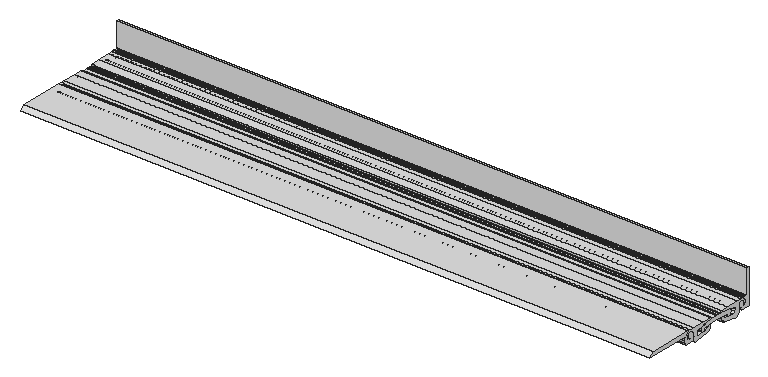
Revit family "Construction-Floors-Conecto-Aluminium Joints ALU AL.125.20", category Specialty Equipment, Revit 2015 (continued)
Definition of nested family "Standard"
  Automatic sketch dimensions
    Extrusion 9 sketch curve to Extrusion 9 sketch curve = 0.89 mm
    Extrusion 9 sketch curve to Extrusion 9 sketch curve = 0.179 mm
    Extrusion 9 sketch curve to Extrusion 9 sketch curve = 1.918 mm
    Extrusion 9 sketch curve to Extrusion 9 sketch curve = 1.017 mm
    Extrusion 9 sketch curve to Extrusion 9 sketch curve = 0.726 mm
    Extrusion 9 sketch curve to Extrusion 9 sketch curve = 0.9 mm
    Extrusion 9 sketch curve to Extrusion 9 sketch curve = 0.52 mm
    Extrusion 9 sketch curve to Extrusion 9 sketch curve = 1.176 mm
    Extrusion 9 sketch curve to Extrusion 9 sketch curve = 1.103 mm
    Extrusion 9 sketch curve to Extrusion 9 sketch curve = 0.335 mm
    Extrusion 9 sketch curve to Extrusion 9 sketch curve = 38.619 mm
    Extrusion 10 sketch curve to plane 6 = 0 mm
    Extrusion 10 sketch curve to plane 6 = 0.061 mm
    Extrusion 10 sketch curve to plane 6 = 0.127 mm
    Extrusion 10 sketch curve to plane 6 = 0.297 mm
    Extrusion 10 sketch curve to plane 6 = 0.465 mm
    Extrusion 10 sketch curve to plane 6 = 0.762 mm
    Extrusion 10 sketch curve to Extrusion 10 sketch curve = 0.503 mm
    Extrusion 10 sketch curve to Extrusion 10 sketch curve = 0.54 mm
    Extrusion 10 sketch curve to Extrusion 10 sketch curve = 0.665 mm  (x2)
    Extrusion 10 sketch curve to Extrusion 10 sketch curve = 0.708 mm
    Extrusion 10 sketch curve to Extrusion 10 sketch curve = 0.781 mm
    Extrusion 10 sketch curve to Extrusion 10 sketch curve = 0.844 mm
    Extrusion 10 sketch curve to Extrusion 10 sketch curve = 0.841 mm
    Extrusion 10 sketch curve to plane 6 = 5.757 mm
    Extrusion 10 sketch curve to Extrusion 10 sketch curve = 0.732 mm
    Extrusion 10 sketch curve to Extrusion 10 sketch curve = 0.654 mm
    Extrusion 10 sketch curve to Extrusion 10 sketch curve = 0.943 mm
    Extrusion 10 sketch curve to Extrusion 10 sketch curve = 0.22 mm
    Extrusion 10 sketch curve to Extrusion 10 sketch curve = 0.571 mm  (x2)
    Extrusion 10 sketch curve to Extrusion 10 sketch curve = 0.486 mm
    Extrusion 10 sketch curve to Extrusion 10 sketch curve = 0.771 mm
    Extrusion 10 sketch curve to Extrusion 10 sketch curve = 0.457 mm
    Extrusion 10 sketch curve to Extrusion 10 sketch curve = 0.352 mm
    Extrusion 10 sketch curve to Extrusion 10 sketch curve = 0.338 mm
    Extrusion 10 sketch curve to Extrusion 10 sketch curve = 0.188 mm
    Extrusion 10 sketch curve to Extrusion 10 sketch curve = 2.478 mm
    Extrusion 10 sketch curve to Extrusion 10 sketch curve = 0.077 mm
    Extrusion 10 sketch curve to Extrusion 10 sketch curve = 0.814 mm  (x2)
    Extrusion 10 sketch curve to Extrusion 10 sketch curve = 3.227 mm
    Extrusion 10 sketch curve to Extrusion 10 sketch curve = 1.773 mm
    Extrusion 10 sketch curve to Extrusion 10 sketch curve = 0.527 mm
    Extrusion 10 sketch curve to Extrusion 10 sketch curve = 0.616 mm
    Extrusion 10 sketch curve to Extrusion 10 sketch curve = 0.46 mm
    Extrusion 10 sketch curve to Extrusion 10 sketch curve = 1.069 mm
    Extrusion 10 sketch curve to Extrusion 10 sketch curve = 0.239 mm
    Extrusion 10 sketch curve to Extrusion 10 sketch curve = 0.299 mm
    Extrusion 10 sketch curve to Extrusion 10 sketch curve = 0.14 mm
    Extrusion 10 sketch curve to Extrusion 10 sketch curve = 0.051 mm
    Extrusion 10 sketch curve to Extrusion 10 sketch curve = 0.96 mm
    Extrusion 10 sketch curve to Extrusion 10 sketch curve = 0.932 mm
    Extrusion 10 sketch curve to Extrusion 10 sketch curve = 0.703 mm
    Extrusion 10 sketch curve to Extrusion 10 sketch curve = 0.807 mm
    Extrusion 10 sketch curve to Extrusion 10 sketch curve = 0.86 mm
    Extrusion 10 sketch curve to Extrusion 10 sketch curve = 0.342 mm
    Extrusion 10 sketch curve to plane 6 = 14.683 mm
    Extrusion 10 sketch curve to Extrusion 10 sketch curve = 6.486 mm
    Extrusion 10 sketch curve to Extrusion 10 sketch curve = 0.821 mm
    Extrusion 10 sketch curve to Extrusion 10 sketch curve = 0.721 mm
    Extrusion 10 sketch curve to Extrusion 10 sketch curve = 0.719 mm
    Extrusion 10 sketch curve to Extrusion 10 sketch curve = 0.829 mm
    Extrusion 10 sketch curve to Extrusion 10 sketch curve = 0.796 mm  (x2)
    Extrusion 10 sketch curve to Extrusion 10 sketch curve = 0.905 mm
    Extrusion 10 sketch curve to Extrusion 10 sketch curve = 0.964 mm
    Extrusion 10 sketch curve to Extrusion 10 sketch curve = 1.013 mm
    Extrusion 10 sketch curve to Extrusion 10 sketch curve = 0.867 mm
    Extrusion 10 sketch curve to Extrusion 10 sketch curve = 1.08 mm
    Extrusion 10 sketch curve to Extrusion 10 sketch curve = 0.826 mm
    Extrusion 10 sketch curve to Extrusion 10 sketch curve = 1.041 mm
    Extrusion 10 sketch curve to Extrusion 10 sketch curve = 0.869 mm
    Extrusion 10 sketch curve to Extrusion 10 sketch curve = 0.805 mm
    Extrusion 10 sketch curve to Extrusion 10 sketch curve = 0.791 mm
    Extrusion 10 sketch curve to Extrusion 10 sketch curve = 0.661 mm
    Extrusion 10 sketch curve to Extrusion 10 sketch curve = 0.6 mm
    Extrusion 10 sketch curve to Extrusion 10 sketch curve = 0.376 mm
    Extrusion 10 sketch curve to Extrusion 10 sketch curve = 0.465 mm
    Extrusion 10 sketch curve to Extrusion 10 sketch curve = 0.458 mm
    Extrusion 10 sketch curve to Extrusion 10 sketch curve = 0.345 mm
    Extrusion 10 sketch curve to Extrusion 10 sketch curve = 0.296 mm  (x2)
    Extrusion 10 sketch curve to Extrusion 10 sketch curve = 0.89 mm
    Extrusion 10 sketch curve to Extrusion 10 sketch curve = 0.179 mm
    Extrusion 10 sketch curve to Extrusion 10 sketch curve = 1.918 mm
    Extrusion 10 sketch curve to Extrusion 10 sketch curve = 1.017 mm
    Extrusion 10 sketch curve to Extrusion 10 sketch curve = 0.726 mm
    Extrusion 10 sketch curve to Extrusion 10 sketch curve = 0.9 mm
    Extrusion 10 sketch curve to Extrusion 10 sketch curve = 0.52 mm
    Extrusion 10 sketch curve to Extrusion 10 sketch curve = 1.176 mm
    Extrusion 10 sketch curve to Extrusion 10 sketch curve = 1.103 mm
    Extrusion 10 sketch curve to Extrusion 10 sketch curve = 0.335 mm
    Extrusion 10 sketch curve to Extrusion 10 sketch curve = 38.619 mm
    plane 5 to Extrusion 11 sketch curve = 76.237 mm
    Extrusion 11 sketch curve to Extrusion 11 sketch curve = 0.134 mm
    Extrusion 11 sketch curve to Extrusion 11 sketch curve = 0.685 mm  (x2)
    Extrusion 11 sketch curve to Extrusion 11 sketch curve = 0.826 mm
    Extrusion 11 sketch curve to Extrusion 11 sketch curve = 1.425 mm
    Extrusion 11 sketch curve to Extrusion 11 sketch curve = 2.078 mm
    plane 5 to Extrusion 11 sketch curve = 16.425 mm
    Extrusion 11 sketch curve to Extrusion 11 sketch curve = 0.009 mm
    Extrusion 11 sketch curve to Extrusion 11 sketch curve = 0.041 mm
    Extrusion 11 sketch curve to Extrusion 11 sketch curve = 0.911 mm  (x2)
    Extrusion 11 sketch curve to Extrusion 11 sketch curve = 2.3 mm
    Extrusion 11 sketch curve to Extrusion 11 sketch curve = 2.339 mm
    Extrusion 11 sketch curve to Extrusion 11 sketch curve = 0.027 mm
    Extrusion 11 sketch curve to Extrusion 11 sketch curve = 0.499 mm
    Extrusion 11 sketch curve to Extrusion 11 sketch curve = 0.837 mm
    Extrusion 11 sketch curve to Extrusion 11 sketch curve = 0.786 mm  (x2)
    Extrusion 11 sketch curve to Extrusion 11 sketch curve = 0.774 mm  (x2)
    Extrusion 11 sketch curve to Extrusion 11 sketch curve = 0.425 mm
    Extrusion 11 sketch curve to Extrusion 11 sketch curve = 0.097 mm
    Extrusion 11 sketch curve to Extrusion 11 sketch curve = 0.246 mm
    Extrusion 11 sketch curve to Extrusion 11 sketch curve = 0.831 mm
    Extrusion 11 sketch curve to Extrusion 11 sketch curve = 0.349 mm
    Extrusion 11 sketch curve to Extrusion 11 sketch curve = 0.778 mm
    Extrusion 11 sketch curve to Extrusion 11 sketch curve = 0.491 mm  (x2)
    plane 5 to Extrusion 11 sketch curve = 11.198 mm
    Extrusion 11 sketch curve to Extrusion 11 sketch curve = 0.697 mm
    Extrusion 11 sketch curve to Extrusion 11 sketch curve = 3.355 mm
    Extrusion 11 sketch curve to Extrusion 11 sketch curve = 0.719 mm
    Extrusion 11 sketch curve to Extrusion 11 sketch curve = 0.595 mm
    Extrusion 11 sketch curve to Extrusion 11 sketch curve = 0.672 mm
    Extrusion 11 sketch curve to Extrusion 11 sketch curve = 0.908 mm
    Extrusion 11 sketch curve to Extrusion 11 sketch curve = 0.74 mm
    Extrusion 11 sketch curve to Extrusion 11 sketch curve = 0.885 mm  (x2)
    Extrusion 11 sketch curve to Extrusion 11 sketch curve = 0.607 mm
    Extrusion 11 sketch curve to Extrusion 11 sketch curve = 0.827 mm
    Extrusion 11 sketch curve to Extrusion 11 sketch curve = 2.153 mm
    Extrusion 11 sketch curve to Extrusion 11 sketch curve = 0.459 mm
    Extrusion 11 sketch curve to Extrusion 11 sketch curve = 0.775 mm
    Extrusion 11 sketch curve to Extrusion 11 sketch curve = 0.787 mm
    Extrusion 11 sketch curve to Extrusion 11 sketch curve = 4.161 mm
    Extrusion 11 sketch curve to Extrusion 11 sketch curve = 0.155 mm
    Extrusion 11 sketch curve to Extrusion 11 sketch curve = 2.645 mm
    Extrusion 11 sketch curve to Extrusion 11 sketch curve = 0.258 mm
    Extrusion 11 sketch curve to Extrusion 11 sketch curve = 0.789 mm
    Extrusion 11 sketch curve to Extrusion 11 sketch curve = 0.379 mm
    Extrusion 11 sketch curve to Extrusion 11 sketch curve = 0.889 mm
    Extrusion 11 sketch curve to Extrusion 11 sketch curve = 0.488 mm
    Extrusion 11 sketch curve to Extrusion 11 sketch curve = 1.704 mm
    Extrusion 11 sketch curve to Extrusion 11 sketch curve = 0.741 mm
    Extrusion 11 sketch curve to Extrusion 11 sketch curve = 0.656 mm  (x2)
    Extrusion 11 sketch curve to Extrusion 11 sketch curve = 0.298 mm
    Extrusion 11 sketch curve to Extrusion 11 sketch curve = 0.771 mm
    Extrusion 11 sketch curve to Extrusion 11 sketch curve = 0.877 mm
    Extrusion 11 sketch curve to Extrusion 11 sketch curve = 0.492 mm
    Extrusion 11 sketch curve to Extrusion 11 sketch curve = 0.714 mm
    Extrusion 11 sketch curve to Extrusion 11 sketch curve = 0.418 mm
    Extrusion 11 sketch curve to Extrusion 11 sketch curve = 0.776 mm
    Extrusion 11 sketch curve to Extrusion 11 sketch curve = 0.629 mm
    Extrusion 11 sketch curve to Extrusion 11 sketch curve = 0.721 mm
    Extrusion 11 sketch curve to Extrusion 11 sketch curve = 0.523 mm
    Extrusion 11 sketch curve to Extrusion 11 sketch curve = 0.922 mm
    Extrusion 11 sketch curve to Extrusion 11 sketch curve = 0.347 mm
    Extrusion 11 sketch curve to Extrusion 11 sketch curve = 0.484 mm
    Extrusion 11 sketch curve to Extrusion 11 sketch curve = 0.085 mm
    Extrusion 11 sketch curve to Extrusion 11 sketch curve = 0.931 mm
    Extrusion 11 sketch curve to Extrusion 11 sketch curve = 0.833 mm
    plane 5 to Extrusion 11 sketch curve = 2.025 mm  (x2)
    Extrusion 11 sketch curve to Extrusion 11 sketch curve = 0.81 mm
    plane 5 to Extrusion 11 sketch curve = 0.891 mm  (x2)
    plane 5 to Extrusion 11 sketch curve = 0.11 mm
    Extrusion 11 sketch curve to Extrusion 11 sketch curve = 0.601 mm
    Extrusion 11 sketch curve to Extrusion 11 sketch curve = 0.78 mm
    Extrusion 11 sketch curve to Extrusion 11 sketch curve = 0.804 mm
    Extrusion 11 sketch curve to Extrusion 11 sketch curve = 0.811 mm
    Extrusion 11 sketch curve to Extrusion 11 sketch curve = 2.532 mm
    Extrusion 11 sketch curve to Extrusion 11 sketch curve = 0.993 mm
    Extrusion 11 sketch curve to Extrusion 11 sketch curve = 0.391 mm
    Extrusion 11 sketch curve to Extrusion 11 sketch curve = 0.063 mm
    Extrusion 11 sketch curve to Extrusion 11 sketch curve = 0.673 mm
    Extrusion 11 sketch curve to Extrusion 11 sketch curve = 0.38 mm
    Extrusion 11 sketch curve to Extrusion 11 sketch curve = 0.252 mm
    Extrusion 11 sketch curve to Extrusion 11 sketch curve = 0.151 mm
    Extrusion 11 sketch curve to Extrusion 11 sketch curve = 3.295 mm  (x2)
    Extrusion 11 sketch curve to Extrusion 11 sketch curve = 2.553 mm
    Extrusion 11 sketch curve to Extrusion 11 sketch curve = 0.406 mm
    Extrusion 11 sketch curve to Extrusion 11 sketch curve = 3.77 mm
    Extrusion 11 sketch curve to Extrusion 11 sketch curve = 0.794 mm
    Extrusion 11 sketch curve to Extrusion 11 sketch curve = 63.318 mm
    Extrusion 11 sketch curve to Extrusion 11 sketch curve = 1.56 mm
    Extrusion 11 sketch curve to Extrusion 11 sketch curve = 0.918 mm
    Extrusion 11 sketch curve to Extrusion 11 sketch curve = 0.284 mm
    Extrusion 11 sketch curve to Extrusion 11 sketch curve = 0.587 mm
    Extrusion 11 sketch curve to Extrusion 11 sketch curve = 1.2 mm
    Extrusion 11 sketch curve to Extrusion 11 sketch curve = 1.911 mm
    Extrusion 11 sketch curve to Extrusion 11 sketch curve = 0.578 mm
    Extrusion 11 sketch curve to Extrusion 11 sketch curve = 4.832 mm
    Extrusion 11 sketch curve to Extrusion 11 sketch curve = 0.912 mm
    Extrusion 11 sketch curve to Extrusion 11 sketch curve = 0.917 mm
    Extrusion 11 sketch curve to Extrusion 11 sketch curve = 2.428 mm
    Extrusion 11 sketch curve to Extrusion 11 sketch curve = 0.795 mm
    Extrusion 11 sketch curve to Extrusion 11 sketch curve = 0.87 mm
    Extrusion 11 sketch curve to Extrusion 11 sketch curve = 2.001 mm
    Extrusion 11 sketch curve to Extrusion 11 sketch curve = 1.1 mm
    Extrusion 11 sketch curve to Extrusion 11 sketch curve = 1.105 mm
    Extrusion 11 sketch curve to Extrusion 11 sketch curve = 1.16 mm
    Extrusion 11 sketch curve to Extrusion 11 sketch curve = 0.798 mm
    Extrusion 11 sketch curve to Extrusion 11 sketch curve = 0.812 mm
    Extrusion 11 sketch curve to Extrusion 11 sketch curve = 1.3 mm
    Extrusion 11 sketch curve to Extrusion 11 sketch curve = 1.589 mm
    Extrusion 11 sketch curve to Extrusion 11 sketch curve = 0.729 mm
    Extrusion 11 sketch curve to Extrusion 11 sketch curve = 0.181 mm
    Extrusion 11 sketch curve to Extrusion 11 sketch curve = 0.71 mm
    Extrusion 11 sketch curve to Extrusion 11 sketch curve = 0.699 mm
    Extrusion 11 sketch curve to Extrusion 11 sketch curve = 0.638 mm
    Extrusion 11 sketch curve to Extrusion 11 sketch curve = 0.506 mm
    Extrusion 11 sketch curve to Extrusion 11 sketch curve = 0.373 mm
    Extrusion 11 sketch curve to Extrusion 11 sketch curve = 0.208 mm
    Extrusion 11 sketch curve to Extrusion 11 sketch curve = 0.144 mm
    Extrusion 11 sketch curve to Extrusion 11 sketch curve = 1.895 mm
    Extrusion 11 sketch curve to Extrusion 11 sketch curve = 0.735 mm
    Extrusion 11 sketch curve to Extrusion 11 sketch curve = 1.073 mm  (x2)
    Extrusion 11 sketch curve to Extrusion 11 sketch curve = 0.031 mm
    Extrusion 11 sketch curve to Extrusion 11 sketch curve = 0.237 mm
    Extrusion 11 sketch curve to Extrusion 11 sketch curve = 0.765 mm
    Extrusion 11 sketch curve to Extrusion 11 sketch curve = 2.288 mm
    plane 5 to Extrusion 12 sketch curve = 76.237 mm
    Extrusion 12 sketch curve to Extrusion 12 sketch curve = 0.134 mm
    Extrusion 12 sketch curve to Extrusion 12 sketch curve = 0.685 mm  (x2)
    Extrusion 12 sketch curve to Extrusion 12 sketch curve = 0.826 mm
    Extrusion 12 sketch curve to Extrusion 12 sketch curve = 1.425 mm
    Extrusion 12 sketch curve to Extrusion 12 sketch curve = 2.071 mm
    plane 5 to Extrusion 12 sketch curve = 16.425 mm
    Extrusion 12 sketch curve to Extrusion 12 sketch curve = 0.009 mm
    Extrusion 12 sketch curve to Extrusion 12 sketch curve = 0.041 mm
    Extrusion 12 sketch curve to Extrusion 12 sketch curve = 0.911 mm  (x2)
    Extrusion 12 sketch curve to Extrusion 12 sketch curve = 2.3 mm
    Extrusion 12 sketch curve to Extrusion 12 sketch curve = 2.339 mm
    Extrusion 12 sketch curve to Extrusion 12 sketch curve = 0.027 mm
    Extrusion 12 sketch curve to Extrusion 12 sketch curve = 0.499 mm
    Extrusion 12 sketch curve to Extrusion 12 sketch curve = 0.837 mm
    Extrusion 12 sketch curve to Extrusion 12 sketch curve = 0.786 mm  (x2)
    Extrusion 12 sketch curve to Extrusion 12 sketch curve = 0.774 mm  (x2)
    Extrusion 12 sketch curve to Extrusion 12 sketch curve = 0.425 mm
    Extrusion 12 sketch curve to Extrusion 12 sketch curve = 0.097 mm
    Extrusion 12 sketch curve to Extrusion 12 sketch curve = 0.246 mm
    Extrusion 12 sketch curve to Extrusion 12 sketch curve = 0.831 mm
    Extrusion 12 sketch curve to Extrusion 12 sketch curve = 0.349 mm
    Extrusion 12 sketch curve to Extrusion 12 sketch curve = 0.778 mm
    Extrusion 12 sketch curve to Extrusion 12 sketch curve = 0.491 mm  (x2)
    Extrusion 12 sketch curve to Extrusion 12 sketch curve = 0.697 mm
    Extrusion 12 sketch curve to Extrusion 12 sketch curve = 3.355 mm
    Extrusion 12 sketch curve to Extrusion 12 sketch curve = 0.719 mm
    Extrusion 12 sketch curve to Extrusion 12 sketch curve = 0.595 mm
    Extrusion 12 sketch curve to Extrusion 12 sketch curve = 0.672 mm
    Extrusion 12 sketch curve to Extrusion 12 sketch curve = 0.908 mm
    Extrusion 12 sketch curve to Extrusion 12 sketch curve = 0.74 mm
    Extrusion 12 sketch curve to Extrusion 12 sketch curve = 0.885 mm  (x2)
    Extrusion 12 sketch curve to Extrusion 12 sketch curve = 0.607 mm
    Extrusion 12 sketch curve to Extrusion 12 sketch curve = 0.827 mm
    Extrusion 12 sketch curve to Extrusion 12 sketch curve = 0.459 mm
    plane 5 to Extrusion 12 sketch curve = 8.705 mm
    Extrusion 12 sketch curve to Extrusion 12 sketch curve = 0.775 mm
    Extrusion 12 sketch curve to Extrusion 12 sketch curve = 0.787 mm
    Extrusion 12 sketch curve to Extrusion 12 sketch curve = 4.161 mm
    Extrusion 12 sketch curve to Extrusion 12 sketch curve = 0.155 mm
    Extrusion 12 sketch curve to Extrusion 12 sketch curve = 2.645 mm
    Extrusion 12 sketch curve to Extrusion 12 sketch curve = 0.258 mm
    Extrusion 12 sketch curve to Extrusion 12 sketch curve = 0.789 mm
    Extrusion 12 sketch curve to Extrusion 12 sketch curve = 0.379 mm
    Extrusion 12 sketch curve to Extrusion 12 sketch curve = 0.889 mm
    Extrusion 12 sketch curve to Extrusion 12 sketch curve = 0.488 mm
    Extrusion 12 sketch curve to Extrusion 12 sketch curve = 0.741 mm
    Extrusion 12 sketch curve to Extrusion 12 sketch curve = 0.656 mm  (x2)
    Extrusion 12 sketch curve to Extrusion 12 sketch curve = 0.298 mm
    Extrusion 12 sketch curve to Extrusion 12 sketch curve = 2.115 mm
    Extrusion 12 sketch curve to Extrusion 12 sketch curve = 0.877 mm
    Extrusion 12 sketch curve to Extrusion 12 sketch curve = 0.492 mm
    Extrusion 12 sketch curve to Extrusion 12 sketch curve = 0.714 mm
    Extrusion 12 sketch curve to Extrusion 12 sketch curve = 0.273 mm
    Extrusion 12 sketch curve to Extrusion 12 sketch curve = 0.776 mm
    Extrusion 12 sketch curve to Extrusion 12 sketch curve = 0.629 mm
    Extrusion 12 sketch curve to Extrusion 12 sketch curve = 0.721 mm
    Extrusion 12 sketch curve to Extrusion 12 sketch curve = 0.523 mm
    Extrusion 12 sketch curve to Extrusion 12 sketch curve = 0.922 mm
    Extrusion 12 sketch curve to Extrusion 12 sketch curve = 0.347 mm
    Extrusion 12 sketch curve to Extrusion 12 sketch curve = 0.484 mm
    Extrusion 12 sketch curve to Extrusion 12 sketch curve = 0.085 mm
    Extrusion 12 sketch curve to Extrusion 12 sketch curve = 0.931 mm
    Extrusion 12 sketch curve to Extrusion 12 sketch curve = 0.833 mm
    plane 5 to Extrusion 12 sketch curve = 2.025 mm  (x2)
    Extrusion 12 sketch curve to Extrusion 12 sketch curve = 0.81 mm
    plane 5 to Extrusion 12 sketch curve = 0.891 mm  (x2)
    plane 5 to Extrusion 12 sketch curve = 0.11 mm
    Extrusion 12 sketch curve to Extrusion 12 sketch curve = 0.218 mm
    Extrusion 12 sketch curve to Extrusion 12 sketch curve = 0.428 mm
    Extrusion 12 sketch curve to Extrusion 12 sketch curve = 0.38 mm
    Extrusion 12 sketch curve to Extrusion 12 sketch curve = 0.252 mm
    Extrusion 12 sketch curve to Extrusion 12 sketch curve = 0.151 mm
    Extrusion 12 sketch curve to Extrusion 12 sketch curve = 1.986 mm
    Extrusion 12 sketch curve to Extrusion 12 sketch curve = 2.553 mm
    Extrusion 12 sketch curve to Extrusion 12 sketch curve = 0.406 mm
    Extrusion 12 sketch curve to Extrusion 12 sketch curve = 3.77 mm
    Extrusion 12 sketch curve to Extrusion 12 sketch curve = 0.794 mm
    Extrusion 12 sketch curve to Extrusion 12 sketch curve = 53.088 mm
    Extrusion 12 sketch curve to Extrusion 12 sketch curve = 1.637 mm
    Extrusion 12 sketch curve to Extrusion 12 sketch curve = 1.221 mm
    Extrusion 12 sketch curve to Extrusion 12 sketch curve = 1.196 mm
    Extrusion 12 sketch curve to Extrusion 12 sketch curve = 1.911 mm
    Extrusion 12 sketch curve to Extrusion 12 sketch curve = 0.578 mm
    Extrusion 12 sketch curve to Extrusion 12 sketch curve = 0.175 mm
    Extrusion 12 sketch curve to Extrusion 12 sketch curve = 0.673 mm
    Extrusion 12 sketch curve to Extrusion 12 sketch curve = 3.295 mm  (x2)
    Extrusion 12 sketch curve to Extrusion 12 sketch curve = 0.993 mm
    Extrusion 12 sketch curve to Extrusion 12 sketch curve = 0.811 mm
    Extrusion 12 sketch curve to Extrusion 12 sketch curve = 0.804 mm
    Extrusion 12 sketch curve to Extrusion 12 sketch curve = 2.532 mm
    Extrusion 12 sketch curve to Extrusion 12 sketch curve = 0.601 mm
    Extrusion 12 sketch curve to Extrusion 12 sketch curve = 0.912 mm
    Extrusion 12 sketch curve to Extrusion 12 sketch curve = 0.917 mm
    Extrusion 12 sketch curve to Extrusion 12 sketch curve = 2.428 mm
    Extrusion 12 sketch curve to Extrusion 12 sketch curve = 0.795 mm
    Extrusion 12 sketch curve to Extrusion 12 sketch curve = 0.87 mm
    Extrusion 12 sketch curve to Extrusion 12 sketch curve = 2.001 mm
    Extrusion 12 sketch curve to Extrusion 12 sketch curve = 1.1 mm
    Extrusion 12 sketch curve to Extrusion 12 sketch curve = 1.105 mm
    Extrusion 12 sketch curve to Extrusion 12 sketch curve = 1.16 mm
    Extrusion 12 sketch curve to Extrusion 12 sketch curve = 0.798 mm
    Extrusion 12 sketch curve to Extrusion 12 sketch curve = 0.812 mm
    Extrusion 12 sketch curve to Extrusion 12 sketch curve = 1.3 mm
    Extrusion 12 sketch curve to Extrusion 12 sketch curve = 1.589 mm
    Extrusion 12 sketch curve to Extrusion 12 sketch curve = 0.729 mm
    Extrusion 12 sketch curve to Extrusion 12 sketch curve = 0.181 mm
    Extrusion 12 sketch curve to Extrusion 12 sketch curve = 0.71 mm
    Extrusion 12 sketch curve to Extrusion 12 sketch curve = 0.699 mm
    Extrusion 12 sketch curve to Extrusion 12 sketch curve = 0.638 mm
    Extrusion 12 sketch curve to Extrusion 12 sketch curve = 0.506 mm
    Extrusion 12 sketch curve to Extrusion 12 sketch curve = 0.373 mm
    Extrusion 12 sketch curve to Extrusion 12 sketch curve = 0.208 mm
    Extrusion 12 sketch curve to Extrusion 12 sketch curve = 0.144 mm
    Extrusion 12 sketch curve to Extrusion 12 sketch curve = 1.895 mm
    Extrusion 12 sketch curve to Extrusion 12 sketch curve = 0.735 mm
    Extrusion 12 sketch curve to Extrusion 12 sketch curve = 1.073 mm  (x2)
    Extrusion 12 sketch curve to Extrusion 12 sketch curve = 0.031 mm
    Extrusion 12 sketch curve to Extrusion 12 sketch curve = 0.237 mm
    Extrusion 12 sketch curve to Extrusion 12 sketch curve = 0.765 mm
    Extrusion 12 sketch curve to Extrusion 12 sketch curve = 1.007 mm
    plane 5 to Extrusion 13 sketch curve = 76.337 mm
    Extrusion 13 sketch curve to Extrusion 13 sketch curve = 0.134 mm
    Extrusion 13 sketch curve to Extrusion 13 sketch curve = 0.685 mm  (x2)
    Extrusion 13 sketch curve to Extrusion 13 sketch curve = 0.826 mm
    Extrusion 13 sketch curve to Extrusion 13 sketch curve = 1.425 mm
    Extrusion 13 sketch curve to Extrusion 13 sketch curve = 2.203 mm
    plane 5 to Extrusion 13 sketch curve = 16.425 mm
    Extrusion 13 sketch curve to Extrusion 13 sketch curve = 0.009 mm
    Extrusion 13 sketch curve to Extrusion 13 sketch curve = 0.032 mm
    Extrusion 13 sketch curve to Extrusion 13 sketch curve = 0.911 mm  (x2)
    Extrusion 13 sketch curve to Extrusion 13 sketch curve = 2.3 mm
    Extrusion 13 sketch curve to Extrusion 13 sketch curve = 2.339 mm
    Extrusion 13 sketch curve to Extrusion 13 sketch curve = 0.027 mm
    Extrusion 13 sketch curve to Extrusion 13 sketch curve = 0.499 mm
    Extrusion 13 sketch curve to Extrusion 13 sketch curve = 0.837 mm
    Extrusion 13 sketch curve to Extrusion 13 sketch curve = 0.786 mm  (x2)
    Extrusion 13 sketch curve to Extrusion 13 sketch curve = 0.774 mm  (x2)
    Extrusion 13 sketch curve to Extrusion 13 sketch curve = 0.425 mm
    Extrusion 13 sketch curve to Extrusion 13 sketch curve = 0.097 mm
    Extrusion 13 sketch curve to Extrusion 13 sketch curve = 0.246 mm
    Extrusion 13 sketch curve to Extrusion 13 sketch curve = 0.831 mm
    Extrusion 13 sketch curve to Extrusion 13 sketch curve = 0.349 mm
    Extrusion 13 sketch curve to Extrusion 13 sketch curve = 0.778 mm
    Extrusion 13 sketch curve to Extrusion 13 sketch curve = 0.491 mm  (x2)
    plane 5 to Extrusion 13 sketch curve = 11.216 mm
    Extrusion 13 sketch curve to Extrusion 13 sketch curve = 0.697 mm
    Extrusion 13 sketch curve to Extrusion 13 sketch curve = 3.355 mm
    Extrusion 13 sketch curve to Extrusion 13 sketch curve = 0.719 mm
    Extrusion 13 sketch curve to Extrusion 13 sketch curve = 0.595 mm
    Extrusion 13 sketch curve to Extrusion 13 sketch curve = 0.672 mm
    Extrusion 13 sketch curve to Extrusion 13 sketch curve = 0.908 mm
    Extrusion 13 sketch curve to Extrusion 13 sketch curve = 0.74 mm
    Extrusion 13 sketch curve to Extrusion 13 sketch curve = 0.885 mm  (x2)
    Extrusion 13 sketch curve to Extrusion 13 sketch curve = 0.607 mm
    Extrusion 13 sketch curve to Extrusion 13 sketch curve = 0.827 mm
    Extrusion 13 sketch curve to Extrusion 13 sketch curve = 0.459 mm
    Extrusion 13 sketch curve to Extrusion 13 sketch curve = 0.775 mm
    Extrusion 13 sketch curve to Extrusion 13 sketch curve = 2.808 mm
    Extrusion 13 sketch curve to Extrusion 13 sketch curve = 0.787 mm
    Extrusion 13 sketch curve to Extrusion 13 sketch curve = 4.161 mm
    Extrusion 13 sketch curve to Extrusion 13 sketch curve = 0.155 mm
    Extrusion 13 sketch curve to Extrusion 13 sketch curve = 2.645 mm
    Extrusion 13 sketch curve to Extrusion 13 sketch curve = 0.258 mm
    Extrusion 13 sketch curve to Extrusion 13 sketch curve = 0.789 mm
    Extrusion 13 sketch curve to Extrusion 13 sketch curve = 0.379 mm
    Extrusion 13 sketch curve to Extrusion 13 sketch curve = 0.889 mm
    Extrusion 13 sketch curve to Extrusion 13 sketch curve = 0.488 mm
    Extrusion 13 sketch curve to Extrusion 13 sketch curve = 0.741 mm
    Extrusion 13 sketch curve to Extrusion 13 sketch curve = 1.325 mm
    Extrusion 13 sketch curve to Extrusion 13 sketch curve = 0.656 mm  (x2)
    Extrusion 13 sketch curve to Extrusion 13 sketch curve = 0.298 mm
    Extrusion 13 sketch curve to Extrusion 13 sketch curve = 0.877 mm
    Extrusion 13 sketch curve to Extrusion 13 sketch curve = 0.492 mm
    Extrusion 13 sketch curve to Extrusion 13 sketch curve = 0.714 mm
    Extrusion 13 sketch curve to Extrusion 13 sketch curve = 0.273 mm
    Extrusion 13 sketch curve to Extrusion 13 sketch curve = 0.776 mm
    Extrusion 13 sketch curve to Extrusion 13 sketch curve = 0.629 mm
    Extrusion 13 sketch curve to Extrusion 13 sketch curve = 0.721 mm
    Extrusion 13 sketch curve to Extrusion 13 sketch curve = 0.523 mm
    Extrusion 13 sketch curve to Extrusion 13 sketch curve = 0.922 mm
    Extrusion 13 sketch curve to Extrusion 13 sketch curve = 0.347 mm
    Extrusion 13 sketch curve to Extrusion 13 sketch curve = 0.484 mm
    Extrusion 13 sketch curve to Extrusion 13 sketch curve = 0.085 mm
    Extrusion 13 sketch curve to Extrusion 13 sketch curve = 0.931 mm
    Extrusion 13 sketch curve to Extrusion 13 sketch curve = 0.833 mm
    plane 5 to Extrusion 13 sketch curve = 2.025 mm  (x2)
    Extrusion 13 sketch curve to Extrusion 13 sketch curve = 0.81 mm
    plane 5 to Extrusion 13 sketch curve = 0.891 mm  (x2)
    plane 5 to Extrusion 13 sketch curve = 0.11 mm
    Extrusion 13 sketch curve to Extrusion 13 sketch curve = 0.218 mm
    Extrusion 13 sketch curve to Extrusion 13 sketch curve = 0.428 mm
    Extrusion 13 sketch curve to Extrusion 13 sketch curve = 0.38 mm
    Extrusion 13 sketch curve to Extrusion 13 sketch curve = 0.252 mm
    Extrusion 13 sketch curve to Extrusion 13 sketch curve = 0.151 mm
    Extrusion 13 sketch curve to Extrusion 13 sketch curve = 1.986 mm
    Extrusion 13 sketch curve to Extrusion 13 sketch curve = 2.553 mm
    Extrusion 13 sketch curve to Extrusion 13 sketch curve = 0.406 mm
    Extrusion 13 sketch curve to Extrusion 13 sketch curve = 3.77 mm
    Extrusion 13 sketch curve to Extrusion 13 sketch curve = 0.794 mm
    Extrusion 13 sketch curve to Extrusion 13 sketch curve = 44.368 mm
    Extrusion 13 sketch curve to Extrusion 13 sketch curve = 1.15 mm
    Extrusion 13 sketch curve to Extrusion 13 sketch curve = 0.704 mm
    Extrusion 13 sketch curve to Extrusion 13 sketch curve = 1.272 mm
    Extrusion 13 sketch curve to Extrusion 13 sketch curve = 1.911 mm
    Extrusion 13 sketch curve to Extrusion 13 sketch curve = 0.578 mm
    Extrusion 13 sketch curve to Extrusion 13 sketch curve = 5.129 mm
    Extrusion 13 sketch curve to Extrusion 13 sketch curve = 0.673 mm
    Extrusion 13 sketch curve to Extrusion 13 sketch curve = 3.295 mm  (x2)
    Extrusion 13 sketch curve to Extrusion 13 sketch curve = 0.993 mm
    Extrusion 13 sketch curve to Extrusion 13 sketch curve = 0.811 mm
    Extrusion 13 sketch curve to Extrusion 13 sketch curve = 0.804 mm
    Extrusion 13 sketch curve to Extrusion 13 sketch curve = 2.532 mm
    Extrusion 13 sketch curve to Extrusion 13 sketch curve = 0.601 mm
    Extrusion 13 sketch curve to Extrusion 13 sketch curve = 0.302 mm
    Extrusion 13 sketch curve to Extrusion 13 sketch curve = 0.912 mm
    Extrusion 13 sketch curve to Extrusion 13 sketch curve = 0.917 mm
    Extrusion 13 sketch curve to Extrusion 13 sketch curve = 2.428 mm
    Extrusion 13 sketch curve to Extrusion 13 sketch curve = 0.795 mm
    Extrusion 13 sketch curve to Extrusion 13 sketch curve = 0.87 mm
    Extrusion 13 sketch curve to Extrusion 13 sketch curve = 2.001 mm
    Extrusion 13 sketch curve to Extrusion 13 sketch curve = 1.1 mm
    Extrusion 13 sketch curve to Extrusion 13 sketch curve = 1.105 mm
    Extrusion 13 sketch curve to Extrusion 13 sketch curve = 1.16 mm
    Extrusion 13 sketch curve to Extrusion 13 sketch curve = 0.798 mm
    Extrusion 13 sketch curve to Extrusion 13 sketch curve = 0.812 mm
    Extrusion 13 sketch curve to Extrusion 13 sketch curve = 1.3 mm
    Extrusion 13 sketch curve to Extrusion 13 sketch curve = 1.589 mm
    Extrusion 13 sketch curve to Extrusion 13 sketch curve = 0.729 mm
    Extrusion 13 sketch curve to Extrusion 13 sketch curve = 0.181 mm
    Extrusion 13 sketch curve to Extrusion 13 sketch curve = 0.71 mm
    Extrusion 13 sketch curve to Extrusion 13 sketch curve = 0.699 mm
    Extrusion 13 sketch curve to Extrusion 13 sketch curve = 0.638 mm
    Extrusion 13 sketch curve to Extrusion 13 sketch curve = 0.506 mm
    Extrusion 13 sketch curve to Extrusion 13 sketch curve = 0.373 mm
    Extrusion 13 sketch curve to Extrusion 13 sketch curve = 0.208 mm
    Extrusion 13 sketch curve to Extrusion 13 sketch curve = 0.144 mm
    Extrusion 13 sketch curve to Extrusion 13 sketch curve = 1.895 mm
    Extrusion 13 sketch curve to Extrusion 13 sketch curve = 0.735 mm
    Extrusion 13 sketch curve to Extrusion 13 sketch curve = 1.073 mm  (x2)
    Extrusion 13 sketch curve to Extrusion 13 sketch curve = 0.031 mm
    Extrusion 13 sketch curve to Extrusion 13 sketch curve = 0.237 mm
    Extrusion 13 sketch curve to Extrusion 13 sketch curve = 0.765 mm
    Extrusion 13 sketch curve to Extrusion 13 sketch curve = 2.288 mm
    plane 5 to Extrusion 14 sketch curve = 76.26 mm
    Extrusion 14 sketch curve to Extrusion 14 sketch curve = 0.134 mm
    Extrusion 14 sketch curve to Extrusion 14 sketch curve = 0.685 mm  (x2)
    Extrusion 14 sketch curve to Extrusion 14 sketch curve = 0.826 mm
    Extrusion 14 sketch curve to Extrusion 14 sketch curve = 1.425 mm
    Extrusion 14 sketch curve to Extrusion 14 sketch curve = 2.063 mm
    plane 5 to Extrusion 14 sketch curve = 16.424 mm
    Extrusion 14 sketch curve to Extrusion 14 sketch curve = 0.009 mm
    Extrusion 14 sketch curve to Extrusion 14 sketch curve = 0.032 mm
    Extrusion 14 sketch curve to Extrusion 14 sketch curve = 0.911 mm  (x2)
    Extrusion 14 sketch curve to Extrusion 14 sketch curve = 2.3 mm
    Extrusion 14 sketch curve to Extrusion 14 sketch curve = 2.339 mm
    Extrusion 14 sketch curve to Extrusion 14 sketch curve = 0.027 mm
    Extrusion 14 sketch curve to Extrusion 14 sketch curve = 0.499 mm
    Extrusion 14 sketch curve to Extrusion 14 sketch curve = 0.837 mm
    Extrusion 14 sketch curve to Extrusion 14 sketch curve = 0.786 mm  (x2)
    Extrusion 14 sketch curve to Extrusion 14 sketch curve = 0.774 mm  (x2)
    Extrusion 14 sketch curve to Extrusion 14 sketch curve = 0.425 mm
    Extrusion 14 sketch curve to Extrusion 14 sketch curve = 0.097 mm
    Extrusion 14 sketch curve to Extrusion 14 sketch curve = 0.246 mm
    Extrusion 14 sketch curve to Extrusion 14 sketch curve = 0.831 mm
    Extrusion 14 sketch curve to Extrusion 14 sketch curve = 0.349 mm
    Extrusion 14 sketch curve to Extrusion 14 sketch curve = 0.778 mm
    Extrusion 14 sketch curve to Extrusion 14 sketch curve = 0.491 mm  (x2)
    plane 5 to Extrusion 14 sketch curve = 11.111 mm
    Extrusion 14 sketch curve to Extrusion 14 sketch curve = 0.697 mm
    Extrusion 14 sketch curve to Extrusion 14 sketch curve = 3.355 mm
    Extrusion 14 sketch curve to Extrusion 14 sketch curve = 0.719 mm
    Extrusion 14 sketch curve to Extrusion 14 sketch curve = 0.595 mm
    Extrusion 14 sketch curve to Extrusion 14 sketch curve = 0.672 mm
    Extrusion 14 sketch curve to Extrusion 14 sketch curve = 0.908 mm
    Extrusion 14 sketch curve to Extrusion 14 sketch curve = 0.74 mm
    Extrusion 14 sketch curve to Extrusion 14 sketch curve = 0.885 mm  (x2)
    Extrusion 14 sketch curve to Extrusion 14 sketch curve = 1.689 mm
    Extrusion 14 sketch curve to Extrusion 14 sketch curve = 0.607 mm
    Extrusion 14 sketch curve to Extrusion 14 sketch curve = 0.827 mm
    Extrusion 14 sketch curve to Extrusion 14 sketch curve = 0.459 mm
    Extrusion 14 sketch curve to Extrusion 14 sketch curve = 0.789 mm  (x2)
    Extrusion 14 sketch curve to Extrusion 14 sketch curve = 0.775 mm
    Extrusion 14 sketch curve to Extrusion 14 sketch curve = 0.787 mm
    Extrusion 14 sketch curve to Extrusion 14 sketch curve = 4.012 mm
    Extrusion 14 sketch curve to Extrusion 14 sketch curve = 0.155 mm
    Extrusion 14 sketch curve to Extrusion 14 sketch curve = 2.645 mm
    Extrusion 14 sketch curve to Extrusion 14 sketch curve = 0.258 mm
    Extrusion 14 sketch curve to Extrusion 14 sketch curve = 0.379 mm
    Extrusion 14 sketch curve to Extrusion 14 sketch curve = 0.889 mm
    Extrusion 14 sketch curve to Extrusion 14 sketch curve = 0.488 mm
    Extrusion 14 sketch curve to Extrusion 14 sketch curve = 1.351 mm
    Extrusion 14 sketch curve to Extrusion 14 sketch curve = 0.741 mm
    Extrusion 14 sketch curve to Extrusion 14 sketch curve = 0.656 mm  (x2)
    Extrusion 14 sketch curve to Extrusion 14 sketch curve = 0.298 mm
    Extrusion 14 sketch curve to Extrusion 14 sketch curve = 0.735 mm  (x2)
    Extrusion 14 sketch curve to Extrusion 14 sketch curve = 0.877 mm
    Extrusion 14 sketch curve to Extrusion 14 sketch curve = 0.492 mm  (x2)
    Extrusion 14 sketch curve to Extrusion 14 sketch curve = 0.714 mm
    Extrusion 14 sketch curve to Extrusion 14 sketch curve = 0.273 mm
    Extrusion 14 sketch curve to Extrusion 14 sketch curve = 0.776 mm
    Extrusion 14 sketch curve to Extrusion 14 sketch curve = 0.629 mm
    Extrusion 14 sketch curve to Extrusion 14 sketch curve = 0.721 mm
    Extrusion 14 sketch curve to Extrusion 14 sketch curve = 0.523 mm
    Extrusion 14 sketch curve to Extrusion 14 sketch curve = 0.922 mm
    Extrusion 14 sketch curve to Extrusion 14 sketch curve = 0.347 mm
    Extrusion 14 sketch curve to Extrusion 14 sketch curve = 0.484 mm
    Extrusion 14 sketch curve to Extrusion 14 sketch curve = 0.085 mm
    Extrusion 14 sketch curve to Extrusion 14 sketch curve = 0.931 mm
    Extrusion 14 sketch curve to Extrusion 14 sketch curve = 0.833 mm
    plane 5 to Extrusion 14 sketch curve = 2.024 mm  (x2)
    Extrusion 14 sketch curve to Extrusion 14 sketch curve = 0.81 mm
    plane 5 to Extrusion 14 sketch curve = 0.889 mm  (x2)
    plane 5 to Extrusion 14 sketch curve = 0.108 mm
    Extrusion 14 sketch curve to Extrusion 14 sketch curve = 0.218 mm
    Extrusion 14 sketch curve to Extrusion 14 sketch curve = 0.428 mm
    Extrusion 14 sketch curve to Extrusion 14 sketch curve = 0.38 mm
    Extrusion 14 sketch curve to Extrusion 14 sketch curve = 0.252 mm
    Extrusion 14 sketch curve to Extrusion 14 sketch curve = 0.151 mm
    Extrusion 14 sketch curve to Extrusion 14 sketch curve = 1.986 mm
    Extrusion 14 sketch curve to Extrusion 14 sketch curve = 2.553 mm
    Extrusion 14 sketch curve to Extrusion 14 sketch curve = 0.406 mm
    Extrusion 14 sketch curve to Extrusion 14 sketch curve = 3.77 mm
    Extrusion 14 sketch curve to Extrusion 14 sketch curve = 0.794 mm
    Extrusion 14 sketch curve to Extrusion 14 sketch curve = 28.885 mm
    Extrusion 14 sketch curve to Extrusion 14 sketch curve = 1.089 mm
    Extrusion 14 sketch curve to Extrusion 14 sketch curve = 0.876 mm
    Extrusion 14 sketch curve to Extrusion 14 sketch curve = 0.069 mm
    Extrusion 14 sketch curve to Extrusion 14 sketch curve = 1.191 mm
    Extrusion 14 sketch curve to Extrusion 14 sketch curve = 1.911 mm
    Extrusion 14 sketch curve to Extrusion 14 sketch curve = 0.578 mm
    Extrusion 14 sketch curve to Extrusion 14 sketch curve = 0.175 mm
    Extrusion 14 sketch curve to Extrusion 14 sketch curve = 0.673 mm
    Extrusion 14 sketch curve to Extrusion 14 sketch curve = 3.295 mm  (x2)
    Extrusion 14 sketch curve to Extrusion 14 sketch curve = 0.993 mm
    Extrusion 14 sketch curve to Extrusion 14 sketch curve = 0.811 mm
    Extrusion 14 sketch curve to Extrusion 14 sketch curve = 0.804 mm
    Extrusion 14 sketch curve to Extrusion 14 sketch curve = 2.532 mm
    Extrusion 14 sketch curve to Extrusion 14 sketch curve = 0.601 mm
    Extrusion 14 sketch curve to Extrusion 14 sketch curve = 0.302 mm
    Extrusion 14 sketch curve to Extrusion 14 sketch curve = 0.912 mm
    Extrusion 14 sketch curve to Extrusion 14 sketch curve = 0.917 mm
    Extrusion 14 sketch curve to Extrusion 14 sketch curve = 2.428 mm
    Extrusion 14 sketch curve to Extrusion 14 sketch curve = 0.795 mm
    Extrusion 14 sketch curve to Extrusion 14 sketch curve = 0.87 mm
    Extrusion 14 sketch curve to Extrusion 14 sketch curve = 2.001 mm
    Extrusion 14 sketch curve to Extrusion 14 sketch curve = 1.1 mm
    Extrusion 14 sketch curve to Extrusion 14 sketch curve = 1.105 mm
    Extrusion 14 sketch curve to Extrusion 14 sketch curve = 1.16 mm
    Extrusion 14 sketch curve to Extrusion 14 sketch curve = 0.798 mm
    Extrusion 14 sketch curve to Extrusion 14 sketch curve = 0.812 mm
    Extrusion 14 sketch curve to Extrusion 14 sketch curve = 1.3 mm
    Extrusion 14 sketch curve to Extrusion 14 sketch curve = 1.589 mm
    Extrusion 14 sketch curve to Extrusion 14 sketch curve = 0.729 mm
    Extrusion 14 sketch curve to Extrusion 14 sketch curve = 0.181 mm
    Extrusion 14 sketch curve to Extrusion 14 sketch curve = 0.71 mm
    Extrusion 14 sketch curve to Extrusion 14 sketch curve = 0.699 mm
    Extrusion 14 sketch curve to Extrusion 14 sketch curve = 0.638 mm
    Extrusion 14 sketch curve to Extrusion 14 sketch curve = 0.506 mm
    Extrusion 14 sketch curve to Extrusion 14 sketch curve = 0.373 mm
    Extrusion 14 sketch curve to Extrusion 14 sketch curve = 0.208 mm
    Extrusion 14 sketch curve to Extrusion 14 sketch curve = 0.144 mm
    Extrusion 14 sketch curve to Extrusion 14 sketch curve = 1.895 mm
    Extrusion 14 sketch curve to Extrusion 14 sketch curve = 1.073 mm  (x2)
    Extrusion 14 sketch curve to Extrusion 14 sketch curve = 0.031 mm
    Extrusion 14 sketch curve to Extrusion 14 sketch curve = 0.237 mm
    Extrusion 14 sketch curve to Extrusion 14 sketch curve = 0.765 mm
    Extrusion 14 sketch curve to Extrusion 14 sketch curve = 2.288 mm
    plane 5 to Extrusion 15 sketch curve = 76.262 mm
    Extrusion 15 sketch curve to Extrusion 15 sketch curve = 0.134 mm
    Extrusion 15 sketch curve to Extrusion 15 sketch curve = 0.685 mm  (x2)
    Extrusion 15 sketch curve to Extrusion 15 sketch curve = 0.826 mm
    Extrusion 15 sketch curve to Extrusion 15 sketch curve = 1.425 mm
    Extrusion 15 sketch curve to Extrusion 15 sketch curve = 2.053 mm
    plane 5 to Extrusion 15 sketch curve = 16.425 mm
    Extrusion 15 sketch curve to Extrusion 15 sketch curve = 0.009 mm
    Extrusion 15 sketch curve to Extrusion 15 sketch curve = 0.032 mm
    Extrusion 15 sketch curve to Extrusion 15 sketch curve = 0.911 mm  (x2)
    Extrusion 15 sketch curve to Extrusion 15 sketch curve = 2.3 mm
    Extrusion 15 sketch curve to Extrusion 15 sketch curve = 2.339 mm
    Extrusion 15 sketch curve to Extrusion 15 sketch curve = 0.027 mm
    Extrusion 15 sketch curve to Extrusion 15 sketch curve = 0.499 mm
    Extrusion 15 sketch curve to Extrusion 15 sketch curve = 0.837 mm
    Extrusion 15 sketch curve to Extrusion 15 sketch curve = 0.786 mm  (x2)
    Extrusion 15 sketch curve to Extrusion 15 sketch curve = 0.774 mm  (x2)
    Extrusion 15 sketch curve to Extrusion 15 sketch curve = 0.425 mm
    Extrusion 15 sketch curve to Extrusion 15 sketch curve = 0.097 mm
    Extrusion 15 sketch curve to Extrusion 15 sketch curve = 0.246 mm
    Extrusion 15 sketch curve to Extrusion 15 sketch curve = 0.831 mm
    Extrusion 15 sketch curve to Extrusion 15 sketch curve = 0.349 mm
    Extrusion 15 sketch curve to Extrusion 15 sketch curve = 0.778 mm
    Extrusion 15 sketch curve to Extrusion 15 sketch curve = 0.491 mm  (x2)
    plane 5 to Extrusion 15 sketch curve = 11.219 mm
    Extrusion 15 sketch curve to Extrusion 15 sketch curve = 0.697 mm
    Extrusion 15 sketch curve to Extrusion 15 sketch curve = 3.355 mm
    Extrusion 15 sketch curve to Extrusion 15 sketch curve = 0.719 mm
    Extrusion 15 sketch curve to Extrusion 15 sketch curve = 0.595 mm
    Extrusion 15 sketch curve to Extrusion 15 sketch curve = 0.952 mm
    Extrusion 15 sketch curve to Extrusion 15 sketch curve = 0.672 mm
    Extrusion 15 sketch curve to Extrusion 15 sketch curve = 0.908 mm
    Extrusion 15 sketch curve to Extrusion 15 sketch curve = 0.74 mm
    Extrusion 15 sketch curve to Extrusion 15 sketch curve = 0.885 mm  (x2)
    Extrusion 15 sketch curve to Extrusion 15 sketch curve = 0.607 mm
    Extrusion 15 sketch curve to Extrusion 15 sketch curve = 0.827 mm
    Extrusion 15 sketch curve to Extrusion 15 sketch curve = 0.459 mm
    Extrusion 15 sketch curve to Extrusion 15 sketch curve = 0.775 mm
    Extrusion 15 sketch curve to Extrusion 15 sketch curve = 0.787 mm
    Extrusion 15 sketch curve to Extrusion 15 sketch curve = 4.161 mm
    Extrusion 15 sketch curve to Extrusion 15 sketch curve = 2.296 mm
    Extrusion 15 sketch curve to Extrusion 15 sketch curve = 0.155 mm
    Extrusion 15 sketch curve to Extrusion 15 sketch curve = 2.645 mm
    Extrusion 15 sketch curve to Extrusion 15 sketch curve = 0.258 mm
    Extrusion 15 sketch curve to Extrusion 15 sketch curve = 0.789 mm
    Extrusion 15 sketch curve to Extrusion 15 sketch curve = 0.379 mm
    Extrusion 15 sketch curve to Extrusion 15 sketch curve = 0.889 mm
    Extrusion 15 sketch curve to Extrusion 15 sketch curve = 0.488 mm
    Extrusion 15 sketch curve to Extrusion 15 sketch curve = 0.741 mm
    Extrusion 15 sketch curve to Extrusion 15 sketch curve = 1.052 mm
    Extrusion 15 sketch curve to Extrusion 15 sketch curve = 0.656 mm  (x2)
    Extrusion 15 sketch curve to Extrusion 15 sketch curve = 0.298 mm
    Extrusion 15 sketch curve to Extrusion 15 sketch curve = 0.877 mm
    Extrusion 15 sketch curve to Extrusion 15 sketch curve = 0.492 mm
    Extrusion 15 sketch curve to Extrusion 15 sketch curve = 0.714 mm
    Extrusion 15 sketch curve to Extrusion 15 sketch curve = 0.767 mm
    Extrusion 15 sketch curve to Extrusion 15 sketch curve = 0.776 mm
    Extrusion 15 sketch curve to Extrusion 15 sketch curve = 0.629 mm
    Extrusion 15 sketch curve to Extrusion 15 sketch curve = 0.721 mm
    Extrusion 15 sketch curve to Extrusion 15 sketch curve = 0.523 mm
    Extrusion 15 sketch curve to Extrusion 15 sketch curve = 0.922 mm
    Extrusion 15 sketch curve to Extrusion 15 sketch curve = 0.347 mm
    Extrusion 15 sketch curve to Extrusion 15 sketch curve = 0.484 mm
    Extrusion 15 sketch curve to Extrusion 15 sketch curve = 0.085 mm
    Extrusion 15 sketch curve to Extrusion 15 sketch curve = 0.931 mm
    Extrusion 15 sketch curve to Extrusion 15 sketch curve = 0.833 mm
    plane 5 to Extrusion 15 sketch curve = 2.025 mm  (x2)
    Extrusion 15 sketch curve to Extrusion 15 sketch curve = 0.81 mm
    plane 5 to Extrusion 15 sketch curve = 0.891 mm  (x2)
    plane 5 to Extrusion 15 sketch curve = 0.11 mm
    Extrusion 15 sketch curve to Extrusion 15 sketch curve = 30.81 mm
    Extrusion 15 sketch curve to Extrusion 15 sketch curve = 4.279 mm
    Extrusion 15 sketch curve to Extrusion 15 sketch curve = 0.241 mm
    Extrusion 15 sketch curve to Extrusion 15 sketch curve = 0.255 mm
    Extrusion 15 sketch curve to Extrusion 15 sketch curve = 0.882 mm
    Extrusion 15 sketch curve to Extrusion 15 sketch curve = 1.898 mm
    Extrusion 15 sketch curve to Extrusion 15 sketch curve = 5.162 mm
    Extrusion 15 sketch curve to Extrusion 15 sketch curve = 0.794 mm
    Extrusion 15 sketch curve to Extrusion 15 sketch curve = 2.958 mm
    Extrusion 15 sketch curve to Extrusion 15 sketch curve = 0.406 mm
    Extrusion 15 sketch curve to Extrusion 15 sketch curve = 2.164 mm
    Extrusion 15 sketch curve to Extrusion 15 sketch curve = 0.749 mm
    Extrusion 15 sketch curve to Extrusion 15 sketch curve = 0.069 mm
    Extrusion 15 sketch curve to Extrusion 15 sketch curve = 0.151 mm
    Extrusion 15 sketch curve to Extrusion 15 sketch curve = 0.252 mm
    Extrusion 15 sketch curve to Extrusion 15 sketch curve = 0.38 mm
    Extrusion 15 sketch curve to Extrusion 15 sketch curve = 0.673 mm
    Extrusion 15 sketch curve to Extrusion 15 sketch curve = 3.295 mm  (x2)
    Extrusion 15 sketch curve to Extrusion 15 sketch curve = 0.993 mm
    Extrusion 15 sketch curve to Extrusion 15 sketch curve = 0.811 mm
    Extrusion 15 sketch curve to Extrusion 15 sketch curve = 0.804 mm
    Extrusion 15 sketch curve to Extrusion 15 sketch curve = 2.532 mm
    Extrusion 15 sketch curve to Extrusion 15 sketch curve = 0.601 mm
    Extrusion 15 sketch curve to Extrusion 15 sketch curve = 0.912 mm
    Extrusion 15 sketch curve to Extrusion 15 sketch curve = 0.917 mm
    Extrusion 15 sketch curve to Extrusion 15 sketch curve = 2.428 mm
    Extrusion 15 sketch curve to Extrusion 15 sketch curve = 0.795 mm
    Extrusion 15 sketch curve to Extrusion 15 sketch curve = 0.87 mm
    Extrusion 15 sketch curve to Extrusion 15 sketch curve = 2.001 mm
    Extrusion 15 sketch curve to Extrusion 15 sketch curve = 1.1 mm
    Extrusion 15 sketch curve to Extrusion 15 sketch curve = 1.105 mm
    Extrusion 15 sketch curve to Extrusion 15 sketch curve = 1.16 mm
    Extrusion 15 sketch curve to Extrusion 15 sketch curve = 0.798 mm
    Extrusion 15 sketch curve to Extrusion 15 sketch curve = 0.812 mm
    Extrusion 15 sketch curve to Extrusion 15 sketch curve = 1.3 mm
    Extrusion 15 sketch curve to Extrusion 15 sketch curve = 1.589 mm
    Extrusion 15 sketch curve to Extrusion 15 sketch curve = 0.729 mm
    Extrusion 15 sketch curve to Extrusion 15 sketch curve = 0.181 mm
    Extrusion 15 sketch curve to Extrusion 15 sketch curve = 0.71 mm
    Extrusion 15 sketch curve to Extrusion 15 sketch curve = 0.699 mm
    Extrusion 15 sketch curve to Extrusion 15 sketch curve = 0.638 mm
    Extrusion 15 sketch curve to Extrusion 15 sketch curve = 0.506 mm
    Extrusion 15 sketch curve to Extrusion 15 sketch curve = 0.373 mm
    Extrusion 15 sketch curve to Extrusion 15 sketch curve = 0.208 mm
    Extrusion 15 sketch curve to Extrusion 15 sketch curve = 0.144 mm
    Extrusion 15 sketch curve to Extrusion 15 sketch curve = 1.895 mm
    Extrusion 15 sketch curve to Extrusion 15 sketch curve = 0.735 mm
    Extrusion 15 sketch curve to Extrusion 15 sketch curve = 1.073 mm  (x2)
    Extrusion 15 sketch curve to Extrusion 15 sketch curve = 0.031 mm
    Extrusion 15 sketch curve to Extrusion 15 sketch curve = 0.237 mm
    Extrusion 15 sketch curve to Extrusion 15 sketch curve = 0.765 mm
    Extrusion 15 sketch curve to Extrusion 15 sketch curve = 1.007 mm
    plane 5 to Extrusion 16 sketch curve = 76.279 mm
    Extrusion 16 sketch curve to Extrusion 16 sketch curve = 0.134 mm
    Extrusion 16 sketch curve to Extrusion 16 sketch curve = 0.685 mm  (x2)
    Extrusion 16 sketch curve to Extrusion 16 sketch curve = 0.826 mm
    Extrusion 16 sketch curve to Extrusion 16 sketch curve = 1.425 mm
    Extrusion 16 sketch curve to Extrusion 16 sketch curve = 2.047 mm
    plane 5 to Extrusion 16 sketch curve = 16.442 mm
    Extrusion 16 sketch curve to Extrusion 16 sketch curve = 0.009 mm
    Extrusion 16 sketch curve to Extrusion 16 sketch curve = 0.041 mm
    Extrusion 16 sketch curve to Extrusion 16 sketch curve = 0.911 mm  (x2)
    Extrusion 16 sketch curve to Extrusion 16 sketch curve = 2.3 mm
    Extrusion 16 sketch curve to Extrusion 16 sketch curve = 2.339 mm
    Extrusion 16 sketch curve to Extrusion 16 sketch curve = 0.027 mm
    Extrusion 16 sketch curve to Extrusion 16 sketch curve = 0.499 mm
    Extrusion 16 sketch curve to Extrusion 16 sketch curve = 0.837 mm
    Extrusion 16 sketch curve to Extrusion 16 sketch curve = 0.786 mm  (x2)
    Extrusion 16 sketch curve to Extrusion 16 sketch curve = 0.774 mm  (x2)
    Extrusion 16 sketch curve to Extrusion 16 sketch curve = 0.425 mm
    Extrusion 16 sketch curve to Extrusion 16 sketch curve = 0.097 mm
    Extrusion 16 sketch curve to Extrusion 16 sketch curve = 0.246 mm  (x2)
    Extrusion 16 sketch curve to Extrusion 16 sketch curve = 0.831 mm
    Extrusion 16 sketch curve to Extrusion 16 sketch curve = 0.349 mm
    Extrusion 16 sketch curve to Extrusion 16 sketch curve = 0.778 mm
    Extrusion 16 sketch curve to Extrusion 16 sketch curve = 0.491 mm  (x2)
    plane 5 to Extrusion 16 sketch curve = 11.178 mm
    Extrusion 16 sketch curve to Extrusion 16 sketch curve = 0.697 mm
    Extrusion 16 sketch curve to Extrusion 16 sketch curve = 3.355 mm
    Extrusion 16 sketch curve to Extrusion 16 sketch curve = 0.719 mm
    Extrusion 16 sketch curve to Extrusion 16 sketch curve = 0.595 mm
    Extrusion 16 sketch curve to Extrusion 16 sketch curve = 0.672 mm
    Extrusion 16 sketch curve to Extrusion 16 sketch curve = 0.908 mm
    Extrusion 16 sketch curve to Extrusion 16 sketch curve = 1.394 mm
    Extrusion 16 sketch curve to Extrusion 16 sketch curve = 0.74 mm
    Extrusion 16 sketch curve to Extrusion 16 sketch curve = 0.885 mm  (x2)
    Extrusion 16 sketch curve to Extrusion 16 sketch curve = 0.607 mm
    Extrusion 16 sketch curve to Extrusion 16 sketch curve = 0.827 mm
    Extrusion 16 sketch curve to Extrusion 16 sketch curve = 0.459 mm
    Extrusion 16 sketch curve to Extrusion 16 sketch curve = 0.775 mm
    Extrusion 16 sketch curve to Extrusion 16 sketch curve = 1.332 mm
    Extrusion 16 sketch curve to Extrusion 16 sketch curve = 0.787 mm
    Extrusion 16 sketch curve to Extrusion 16 sketch curve = 4.161 mm
    Extrusion 16 sketch curve to Extrusion 16 sketch curve = 0.155 mm
    Extrusion 16 sketch curve to Extrusion 16 sketch curve = 2.645 mm
    Extrusion 16 sketch curve to Extrusion 16 sketch curve = 0.258 mm
    Extrusion 16 sketch curve to Extrusion 16 sketch curve = 0.789 mm
    Extrusion 16 sketch curve to Extrusion 16 sketch curve = 0.379 mm
    Extrusion 16 sketch curve to Extrusion 16 sketch curve = 1.017 mm
    Extrusion 16 sketch curve to Extrusion 16 sketch curve = 0.889 mm  (x2)
    Extrusion 16 sketch curve to Extrusion 16 sketch curve = 0.488 mm
    Extrusion 16 sketch curve to Extrusion 16 sketch curve = 0.741 mm
    Extrusion 16 sketch curve to Extrusion 16 sketch curve = 0.656 mm  (x2)
    Extrusion 16 sketch curve to Extrusion 16 sketch curve = 0.298 mm
    Extrusion 16 sketch curve to Extrusion 16 sketch curve = 0.877 mm
    Extrusion 16 sketch curve to Extrusion 16 sketch curve = 0.492 mm
    Extrusion 16 sketch curve to Extrusion 16 sketch curve = 0.714 mm
    Extrusion 16 sketch curve to Extrusion 16 sketch curve = 0.376 mm
    Extrusion 16 sketch curve to Extrusion 16 sketch curve = 0.776 mm
    Extrusion 16 sketch curve to Extrusion 16 sketch curve = 0.629 mm
    Extrusion 16 sketch curve to Extrusion 16 sketch curve = 0.721 mm
    Extrusion 16 sketch curve to Extrusion 16 sketch curve = 0.523 mm
    Extrusion 16 sketch curve to Extrusion 16 sketch curve = 0.922 mm
    Extrusion 16 sketch curve to Extrusion 16 sketch curve = 0.347 mm
    Extrusion 16 sketch curve to Extrusion 16 sketch curve = 0.484 mm
    Extrusion 16 sketch curve to Extrusion 16 sketch curve = 0.085 mm
    Extrusion 16 sketch curve to Extrusion 16 sketch curve = 0.931 mm
    Extrusion 16 sketch curve to Extrusion 16 sketch curve = 0.833 mm
    plane 5 to Extrusion 16 sketch curve = 2.043 mm  (x2)
    Extrusion 16 sketch curve to Extrusion 16 sketch curve = 0.81 mm
    plane 5 to Extrusion 16 sketch curve = 0.908 mm  (x2)
    plane 5 to Extrusion 16 sketch curve = 0.127 mm
    Extrusion 16 sketch curve to Extrusion 16 sketch curve = 4.284 mm
    Extrusion 16 sketch curve to Extrusion 16 sketch curve = 0.117 mm
    Extrusion 16 sketch curve to Extrusion 16 sketch curve = 0.37 mm
    Extrusion 16 sketch curve to Extrusion 16 sketch curve = 1.059 mm
    Extrusion 16 sketch curve to Extrusion 16 sketch curve = 1.033 mm
    Extrusion 16 sketch curve to Extrusion 16 sketch curve = 5.162 mm
    Extrusion 16 sketch curve to Extrusion 16 sketch curve = 0.794 mm
    Extrusion 16 sketch curve to Extrusion 16 sketch curve = 2.958 mm
    Extrusion 16 sketch curve to Extrusion 16 sketch curve = 0.406 mm
    Extrusion 16 sketch curve to Extrusion 16 sketch curve = 2.164 mm
    Extrusion 16 sketch curve to Extrusion 16 sketch curve = 0.749 mm
    Extrusion 16 sketch curve to Extrusion 16 sketch curve = 0.069 mm
    Extrusion 16 sketch curve to Extrusion 16 sketch curve = 0.151 mm
    Extrusion 16 sketch curve to Extrusion 16 sketch curve = 0.252 mm
    Extrusion 16 sketch curve to Extrusion 16 sketch curve = 0.38 mm
    Extrusion 16 sketch curve to Extrusion 16 sketch curve = 0.673 mm
    Extrusion 16 sketch curve to Extrusion 16 sketch curve = 3.295 mm  (x2)
    Extrusion 16 sketch curve to Extrusion 16 sketch curve = 0.993 mm
    Extrusion 16 sketch curve to Extrusion 16 sketch curve = 0.811 mm
    Extrusion 16 sketch curve to Extrusion 16 sketch curve = 0.804 mm
    Extrusion 16 sketch curve to Extrusion 16 sketch curve = 2.532 mm
    Extrusion 16 sketch curve to Extrusion 16 sketch curve = 0.302 mm
    Extrusion 16 sketch curve to Extrusion 16 sketch curve = 0.912 mm
    Extrusion 16 sketch curve to Extrusion 16 sketch curve = 0.917 mm
    Extrusion 16 sketch curve to Extrusion 16 sketch curve = 2.428 mm
    Extrusion 16 sketch curve to Extrusion 16 sketch curve = 0.795 mm
    Extrusion 16 sketch curve to Extrusion 16 sketch curve = 0.87 mm
    Extrusion 16 sketch curve to Extrusion 16 sketch curve = 2.001 mm
    Extrusion 16 sketch curve to Extrusion 16 sketch curve = 1.1 mm
    Extrusion 16 sketch curve to Extrusion 16 sketch curve = 1.105 mm
    Extrusion 16 sketch curve to Extrusion 16 sketch curve = 1.16 mm
    Extrusion 16 sketch curve to Extrusion 16 sketch curve = 0.798 mm
    Extrusion 16 sketch curve to Extrusion 16 sketch curve = 0.812 mm
    Extrusion 16 sketch curve to Extrusion 16 sketch curve = 1.3 mm
    Extrusion 16 sketch curve to Extrusion 16 sketch curve = 1.589 mm
    Extrusion 16 sketch curve to Extrusion 16 sketch curve = 0.729 mm
    Extrusion 16 sketch curve to Extrusion 16 sketch curve = 0.181 mm
    Extrusion 16 sketch curve to Extrusion 16 sketch curve = 0.71 mm
    Extrusion 16 sketch curve to Extrusion 16 sketch curve = 0.699 mm
    Extrusion 16 sketch curve to Extrusion 16 sketch curve = 0.638 mm
    Extrusion 16 sketch curve to Extrusion 16 sketch curve = 0.506 mm
    Extrusion 16 sketch curve to Extrusion 16 sketch curve = 0.373 mm
    Extrusion 16 sketch curve to Extrusion 16 sketch curve = 0.208 mm
    Extrusion 16 sketch curve to Extrusion 16 sketch curve = 0.144 mm
    Extrusion 16 sketch curve to Extrusion 16 sketch curve = 1.895 mm
    Extrusion 16 sketch curve to Extrusion 16 sketch curve = 0.735 mm
    Extrusion 16 sketch curve to Extrusion 16 sketch curve = 1.073 mm  (x2)
    Extrusion 16 sketch curve to Extrusion 16 sketch curve = 0.031 mm
    Extrusion 16 sketch curve to Extrusion 16 sketch curve = 0.237 mm
    Extrusion 16 sketch curve to Extrusion 16 sketch curve = 0.765 mm
    Extrusion 16 sketch curve to Extrusion 16 sketch curve = 2.288 mm
    plane 5 to Extrusion 17 sketch curve = 84.956 mm
    Extrusion 17 sketch curve to Extrusion 17 sketch curve = 7.796 mm
    plane 5 to Extrusion 17 sketch curve = 22.428 mm
    Extrusion 17 sketch curve to Extrusion 17 sketch curve = 2.023 mm
